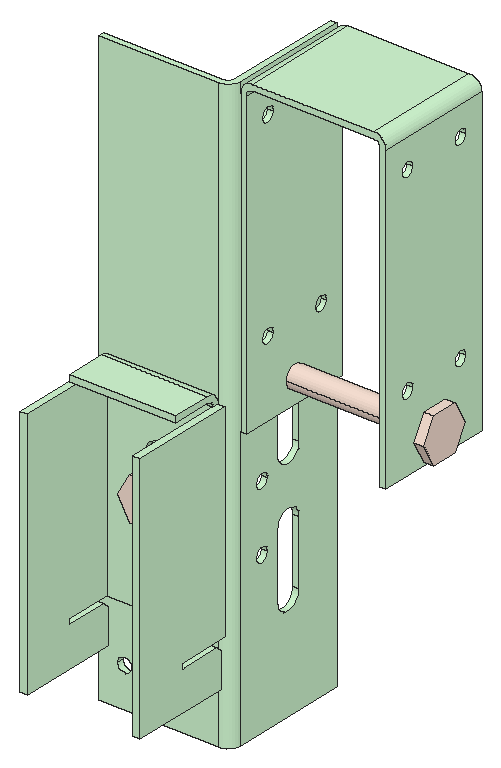
Revit family "KIRIIアングルクランプL100逆_ver2022", category 機械設備, Revit 2022
Family settings
  丸型コネクタ寸法 = 直径を使用
  種別 = なし
  パーツ タイプ = 標準
  作業面ベース = いいえ
  常に垂直 = はい
  ロード時にボイドで切り取り = いいえ
  注釈の向きを維持 = いいえ
  共有 = いいえ
  部屋計算ポイント = いいえ
Parameters
  製造元 = "株式会社桐井製作所"
  既定の高さ = 0 mm
  URL = "https://www.kirii.co.jp/"
  K_板厚(mm) = 2.3 mm
  K_品名 = "KIRIIアングルクランプL100(C100用)"
  K_名称 = "支持構造部接合金具"
  K_バージョン情報 = "240619"
Reference planes
  plane 1 "中心(正面/背面)": y = 0
  plane 2: z = 0
  plane 3 "中心(左/右)": x = 0
Forms (mm)
  Extrusion 1, solid, material "06補強金具・金具・その他"
    sketch origin (-2.3, 45, 80) x (-1, 0, 0) y (0, -1, 0)
      loop
        line (-2.3, -0.4) -> (0, -0.4) -> (0, 45)
        arc (0, 45) -> (0.674, 46.626) -> (2.3, 47.3) r 2.3
        line (2.3, 47.3) -> (47.7, 47.3) -> (47.7, 49.6) -> (2.3, 49.6)
        arc (2.3, 49.6) -> (-0.953, 48.253) -> (-2.3, 45) r 4.6
        line (-2.3, 45) -> (-2.3, -0.4)
    from 145 to -80
  Extrusion 2, void
    sketch origin (0, 45, 0) x (0, -1, 0) y (0, 0, 1)
      loop
        circle (35, 210.2) r 2.75
      loop
        circle (35, 185.2) r 2.75
      loop
        circle (35, 160.2) r 2.75
      loop
        circle (35, 135.2) r 2.75
      loop
        circle (35, 110.2) r 2.75
      loop
        circle (35, 85.2) r 2.75
      loop
        circle (35, 60.2) r 2.75
      loop
        arc (27.75, 115.45) -> (22.5, 120.7) -> (17.25, 115.45) r 5.25
        line (17.25, 115.45) -> (17.25, 90.95)
        arc (17.25, 90.95) -> (22.5, 85.7) -> (27.75, 90.95) r 5.25
        line (27.75, 90.95) -> (27.75, 115.45)
      loop
        arc (27.75, 65.45) -> (22.5, 70.7) -> (17.25, 65.45) r 5.25
        line (17.25, 65.45) -> (17.25, 40.95)
        arc (17.25, 40.95) -> (22.5, 35.7) -> (27.75, 40.95) r 5.25
        line (27.75, 40.95) -> (27.75, 65.45)
    from 2.3 to 0
  Extrusion 3, solid, material "06補強金具・金具・その他"
    sketch origin (2.3, 45, 130.616) x (-1, 0, 0) y (0, 0, 1)
      loop
        line (0, -24.3) -> (2.3, -24.3) -> (2.3, 90.4)
        arc (2.3, 90.4) -> (0.953, 93.653) -> (-2.3, 95) r 4.6
        line (-2.3, 95) -> (-48.2, 95)
        arc (-48.2, 95) -> (-51.453, 93.653) -> (-52.8, 90.4) r 4.6
        line (-52.8, 90.4) -> (-52.8, -24.3) -> (-50.5, -24.3) -> (-50.5, 90.4)
        arc (-50.5, 90.4) -> (-49.826, 92.026) -> (-48.2, 92.7) r 2.3
        line (-48.2, 92.7) -> (-2.3, 92.7)
        arc (-2.3, 92.7) -> (-0.674, 92.026) -> (0, 90.4) r 2.3
        line (0, 90.4) -> (0, -24.3)
    from 0 to -45
  Extrusion 4, void
    sketch origin (0, 45, 0) x (0, -1, 0) y (0, 0, 1)
      loop
        circle (35, 210.2) r 2.75
      loop
        circle (10, 210.2) r 2.75
      loop
        circle (35, 135.2) r 2.75
      loop
        circle (10, 135.2) r 2.75
    from 0 to -2.3
  Extrusion 5, void
    sketch origin (52.8, 45, 0) x (0, -1, 0) y (0, 0, 1)
      loop
        circle (35, 210.2) r 2.75
      loop
        circle (10, 210.2) r 2.75
      loop
        circle (35, 135.2) r 2.75
      loop
        circle (10, 135.2) r 2.75
    from 0 to -2.3
  Extrusion 6, void
    sketch origin (0, -4.2, 80) x (-1, 0, 0) y (0, 0, -1)
      loop
        circle (25, 0) r 4.5
    from -1.9 to -4.6
  Extrusion 7, void
    sketch origin (0, -4.2, 0) x (-1, 0, 0) y (0, 0, -1)
      loop
        circle (15, -15.2) r 2.75
      loop
        circle (40, -15.2) r 2.75
    from 0.4 to -1.9
  Extrusion 8, solid
    sketch origin (0, -4.2, 80) x (-1, 0, 0) y (0, 0, -1)
      loop
        circle (25, 0) r 5
      loop
        circle (25, 0) r 4.5
    from -1.9 to -4.6
  Extrusion 9, solid, material "06補強金具・金具・その他"
    sketch origin (0, 0.4, 80) x (0, 1, 0) y (0, 0, -1)
      loop
        line (-5, -36) -> (-5, 42) -> (-7.3, 42) -> (-7.3, -36)
        arc (-7.3, -36) -> (-7.974, -37.626) -> (-9.6, -38.3) r 2.3
        line (-9.6, -38.3) -> (-25, -38.3) -> (-25, -40.6) -> (-9.6, -40.6)
        arc (-9.6, -40.6) -> (-6.347, -39.253) -> (-5, -36) r 4.6
    from 5 to 45
  Extrusion 10, solid, material "06補強金具・金具・その他"
    sketch origin (0, 0.4, 80) x (-1, 0, 0) y (0, 0, -1)
      loop
        line (2.3, -36) -> (5, -36) -> (5, 59) -> (2.3, 59) -> (2.3, -36)
      loop
        line (45, -36) -> (47.7, -36) -> (47.7, 59) -> (45, 59) -> (45, -36)
    from 5 to 45
  Extrusion 11, void
    sketch origin (0, 0.4, 80) x (0, 1, 0) y (0, 0, -1)
      loop
        line (-25.5, 42) -> (-5, 42) -> (-5, 59) -> (-7, 59) -> (-7, 46) -> (-9, 44) -> (-25.5, 44) -> (-25.5, 42)
    from 47.7 to 45
  Extrusion 12, void
    sketch origin (0, -4.2, 80) x (-1, 0, 0) y (0, 0, -1)
      loop
        circle (25, 0) r 4.5
    from -1.9 to -4.6
  Extrusion 13, void
    sketch origin (0, 0.4, 80) x (-1, 0, 0) y (0, 0, -1)
      loop
        line (30.25, -12.25) -> (30.25, 12.25)
        arc (30.25, 12.25) -> (28.712, 15.962) -> (25, 17.5) r 5.25
        arc (25, 17.5) -> (21.288, 15.962) -> (19.75, 12.25) r 5.25
        line (19.75, 12.25) -> (19.75, -12.25)
        arc (19.75, -12.25) -> (21.288, -15.962) -> (25, -17.5) r 5.25
        arc (25, -17.5) -> (28.712, -15.962) -> (30.25, -12.25) r 5.25
    from 7.3 to 5
  Extrusion 14, void
    sketch origin (0, 0.4, 80) x (-1, 0, 0) y (0, 0, -1)
      loop
        circle (25, 32) r 2.25
    from 7.3 to 5
  Extrusion 15, void
    sketch origin (42.7, 0.4, 80) x (0, 1, 0) y (0, 0, -1)
      loop
        line (-25.5, 42) -> (-5, 42) -> (-5, 59) -> (-7, 59) -> (-7, 46) -> (-9, 44) -> (-25.5, 44) -> (-25.5, 42)
    from 47.7 to 45
Cuts and joins
  Extrusion 6 cuts Extrusion 8
  Extrusion 2, Extrusion 7, Extrusion 15 cuts Extrusion 1
  Extrusion 2, Extrusion 4, Extrusion 5, Extrusion 15 cuts Extrusion 3
  Extrusion 11, Extrusion 13, Extrusion 14, Extrusion 15 cuts Extrusion 9
  Extrusion 11, Extrusion 14, Extrusion 15 cuts Extrusion 10
  joined: Extrusion 1, Extrusion 3, Extrusion 9, Extrusion 10
Dimensions and locks
  aligned and locked: level to plane 2
Nested families
  nested 1: "3分ボルト×L75" at (57.1, 22.5, 116.316) x (0, 1, 0) z (0, 0, 1), type "3分ボルト×L75"
  nested 2: "M10×25ボルト" at (-25, -15.5, 80), type "M10×25ボルト"
Definition of nested family "3分ボルト×L75"
  Parameters (values of type "3分ボルト×L75")
    Manufacturer = "株式会社桐井製作所"
    Default Elevation = 0 mm
    URL = "https://www.kirii.co.jp/"
    K_材料規格 = "M10×L60"
    K_品名 = "M10×60ボルト"
    K_名称 = "M10×60ボルト"
    K_備考 = "KIRIIアングルクランプ付属品"
  Reference planes
    plane 1 "中心(正面/背面)": y = 2
    plane 2: z = 0
    plane 3 "中心(左/右)": x = 0
    plane 4: x = 8
    plane 5: x = -8
    plane 6 "正面": y = -4
    plane 7: z = 8.5
    plane 8: z = -8.5
    plane 9: y = -79
  Forms (mm)
    Extrusion 1, solid
      sketch origin (0, 2, 25.676) x (1, 0, 0) y (0, 0, 1)
        loop
          circle (0, -25.676) r 4.1
      from 6 to 81
    Extrusion 2, solid
      sketch origin (0, 2, 0) x (1, 0, 0) y (0, 0, 1)
        loop
          line (-4.907, 8.5) -> (-9.815, 0) -> (-4.907, -8.5) -> (4.907, -8.5) -> (9.815, 0) -> (4.907, 8.5) -> (-4.907, 8.5)
      from 0 to 6
  Lines and regions (mm)
    model lines
      curve 1: circle (0, 2, 0) r 8.5 normal (0, -1, 0)
  Dimensions and locks
    aligned and locked: level to plane 2
Definition of nested family "M10×25ボルト"
  Parameters (values of type "M10×25ボルト")
    Manufacturer = "株式会社桐井製作所"
    Default Elevation = 0 mm
    URL = "https://www.kirii.co.jp/"
    K_材料規格 = "M10×L25"
    K_品名 = "M10×25ボルト"
    K_名称 = "M10×25ボルト"
    K_備考 = "KIRIIアングルクランプ付属品"
  Reference planes
    plane 1 "中心(正面/背面)": y = 0
    plane 2: z = 0
    plane 3 "中心(左/右)": x = 0
    plane 4: x = 8
    plane 5: x = -8
    plane 6 "正面": y = -4
    plane 7: z = 8
    plane 8: z = -8
  Forms (mm)
    Extrusion 1, solid
      sketch origin (0, 0, 0) x (1, 0, 0) y (0, 0, 1)
        loop
          line (-4.619, 8) -> (-9.238, 0) -> (-4.619, -8) -> (4.619, -8) -> (9.238, 0) -> (4.619, 8) -> (-4.619, 8)
      from 0 to 4
    Extrusion 2, solid
      sketch origin (0, 0, 25.676) x (1, 0, 0) y (0, 0, 1)
        loop
          circle (0, -25.676) r 4.1
      from 4 to 29
  Cuts and joins
    joined: Extrusion 1, Extrusion 2
  Lines and regions (mm)
    model lines
      curve 1: circle (0, 0, 0) r 8 normal (0, -1, 0)
  Dimensions and locks
    aligned and locked: level to plane 2
